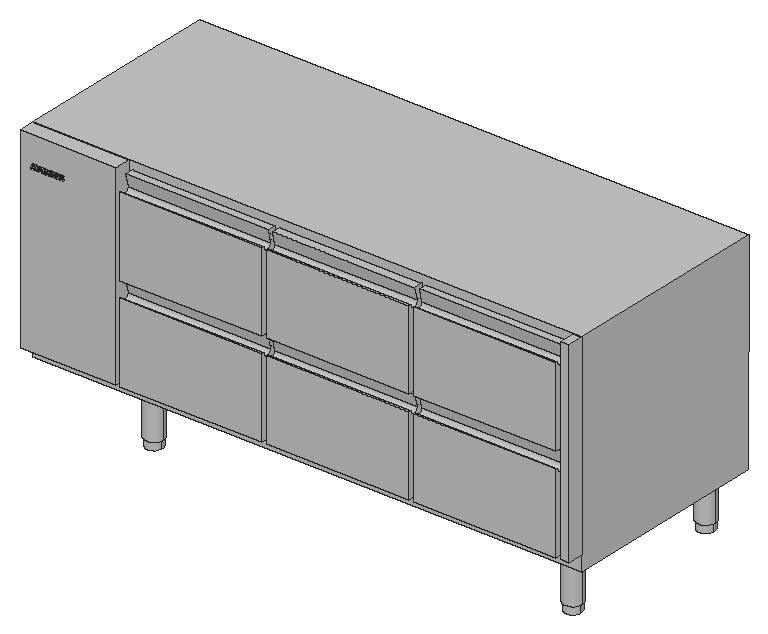
Revit family "QF_ALPENINOX_721150_AA3R7BBB", category Attrezzature speciali, Revit 2018 (continued)
Definition of nested family "HP_APX_BI_TN_L"
  Lines and regions (mm)
    Split face 120
      outline origin (330, -951.3, 50) x (1, 0, 0) y (0, 1, 0)
        loop
          arc (-286.464, 649.474) -> (-282.464, 653.474) -> (-286.464, 657.474) r 4
          line (-286.464, 657.474) -> (-328.464, 657.474)
    Split face 121
      outline origin (110, -951.3, 50) x (1, 0, 0) y (0, 1, 0)
        loop
          arc (-218.464, 657.474) -> (-222.464, 653.474) -> (-218.464, 649.474) r 4
          line (-218.464, 649.474) -> (-176.464, 649.474)
          arc (-176.464, 649.474) -> (-172.464, 653.474) -> (-176.464, 657.474) r 4
          line (-176.464, 657.474) -> (-218.464, 657.474)
    Split face 122
      outline origin (220, -951.3, 50) x (1, 0, 0) y (0, 1, 0)
        loop
          arc (-273.464, 657.474) -> (-277.464, 653.474) -> (-273.464, 649.474) r 4
          line (-273.464, 649.474) -> (-231.464, 649.474)
          arc (-231.464, 649.474) -> (-227.464, 653.474) -> (-231.464, 657.474) r 4
          line (-231.464, 657.474) -> (-273.464, 657.474)
    Split face 123
      outline origin (0, -975.3, 50) x (1, 0, 0) y (0, 1, 0)
        loop
          arc (-163.464, 669.474) -> (-167.464, 665.474) -> (-163.464, 661.474) r 4
          line (-163.464, 661.474) -> (-121.464, 661.474)
          arc (-121.464, 661.474) -> (-117.464, 665.474) -> (-121.464, 669.474) r 4
          line (-121.464, 669.474) -> (-163.464, 669.474)
    Split face 124
      outline origin (330, -975.3, 50) x (1, 0, 0) y (0, 1, 0)
        loop
          arc (-328.464, 669.474) -> (-332.464, 665.474) -> (-328.464, 661.474) r 4
          line (-328.464, 661.474) -> (-286.464, 661.474)
          arc (-286.464, 661.474) -> (-282.464, 665.474) -> (-286.464, 669.474) r 4
          line (-286.464, 669.474) -> (-328.464, 669.474)
    Split face 125
      outline origin (110, -975.3, 50) x (1, 0, 0) y (0, 1, 0)
        loop
          arc (-218.464, 669.474) -> (-222.464, 665.474) -> (-218.464, 661.474) r 4
          line (-218.464, 661.474) -> (-176.464, 661.474)
          arc (-176.464, 661.474) -> (-172.464, 665.474) -> (-176.464, 669.474) r 4
          line (-176.464, 669.474) -> (-218.464, 669.474)
    Split face 126
      outline origin (220, -975.3, 50) x (1, 0, 0) y (0, 1, 0)
        loop
          arc (-273.464, 669.474) -> (-277.464, 665.474) -> (-273.464, 661.474) r 4
          line (-273.464, 661.474) -> (-231.464, 661.474)
          arc (-231.464, 661.474) -> (-227.464, 665.474) -> (-231.464, 669.474) r 4
          line (-231.464, 669.474) -> (-273.464, 669.474)
    Split face 127
      outline origin (0, -999.3, 50) x (1, 0, 0) y (0, 1, 0)
        loop
          arc (-163.464, 681.474) -> (-167.464, 677.474) -> (-163.464, 673.474) r 4
          line (-163.464, 673.474) -> (-121.464, 673.474)
          arc (-121.464, 673.474) -> (-117.464, 677.474) -> (-121.464, 681.474) r 4
          line (-121.464, 681.474) -> (-163.464, 681.474)
    Split face 128
      outline origin (330, -999.3, 50) x (1, 0, 0) y (0, 1, 0)
        loop
          arc (-328.464, 681.474) -> (-332.464, 677.474) -> (-328.464, 673.474) r 4
          line (-328.464, 673.474) -> (-286.464, 673.474)
          arc (-286.464, 673.474) -> (-282.464, 677.474) -> (-286.464, 681.474) r 4
          line (-286.464, 681.474) -> (-328.464, 681.474)
    Split face 129
      outline origin (110, -999.3, 50) x (1, 0, 0) y (0, 1, 0)
        loop
          arc (-218.464, 681.474) -> (-222.464, 677.474) -> (-218.464, 673.474) r 4
          line (-218.464, 673.474) -> (-176.464, 673.474)
          arc (-176.464, 673.474) -> (-172.464, 677.474) -> (-176.464, 681.474) r 4
          line (-176.464, 681.474) -> (-218.464, 681.474)
    Split face 130
      outline origin (220, -999.3, 50) x (1, 0, 0) y (0, 1, 0)
        loop
          arc (-273.464, 681.474) -> (-277.464, 677.474) -> (-273.464, 673.474) r 4
          line (-273.464, 673.474) -> (-231.464, 673.474)
          arc (-231.464, 673.474) -> (-227.464, 677.474) -> (-231.464, 681.474) r 4
          line (-231.464, 681.474) -> (-273.464, 681.474)
    Split face 131
      outline origin (0, -1023.3, 50) x (1, 0, 0) y (0, 1, 0)
        loop
          arc (-163.464, 693.474) -> (-167.464, 689.474) -> (-163.464, 685.474) r 4
          line (-163.464, 685.474) -> (-121.464, 685.474)
          arc (-121.464, 685.474) -> (-117.464, 689.474) -> (-121.464, 693.474) r 4
          line (-121.464, 693.474) -> (-163.464, 693.474)
    Split face 132
      outline origin (330, -1023.3, 50) x (1, 0, 0) y (0, 1, 0)
        loop
          arc (-328.464, 693.474) -> (-332.464, 689.474) -> (-328.464, 685.474) r 4
          line (-328.464, 685.474) -> (-286.464, 685.474)
          arc (-286.464, 685.474) -> (-282.464, 689.474) -> (-286.464, 693.474) r 4
          line (-286.464, 693.474) -> (-328.464, 693.474)
    Split face 133
      outline origin (110, -1023.3, 50) x (1, 0, 0) y (0, 1, 0)
        loop
          arc (-218.464, 693.474) -> (-222.464, 689.474) -> (-218.464, 685.474) r 4
          line (-218.464, 685.474) -> (-176.464, 685.474)
          arc (-176.464, 685.474) -> (-172.464, 689.474) -> (-176.464, 693.474) r 4
          line (-176.464, 693.474) -> (-218.464, 693.474)
    Split face 134
      outline origin (220, -1023.3, 50) x (1, 0, 0) y (0, 1, 0)
        loop
          arc (-273.464, 693.474) -> (-277.464, 689.474) -> (-273.464, 685.474) r 4
          line (-273.464, 685.474) -> (-231.464, 685.474)
          arc (-231.464, 685.474) -> (-227.464, 689.474) -> (-231.464, 693.474) r 4
          line (-231.464, 693.474) -> (-273.464, 693.474)
    symbolic lines
      curve 1: line (87.08, -49, 50) -> (87.08, -49, 0)
  Dimensions and locks
    equal spacing: plane 6, plane 1 "Center (Front/Back)", plane 7
    equal spacing: plane 4, plane 3 "Center (Left/Right)", plane 5
    aligned and locked: plane 2 to Extrusion 1
    aligned and locked: level to Extrusion 1
  Automatic sketch dimensions
    Split face 5 sketch curve to Split face 5 sketch curve = 42 mm
    Split face 5 sketch curve to Split face 5 sketch curve = 4 mm
    Split face 6 sketch curve to Split face 6 sketch curve = 42 mm
    Split face 6 sketch curve to Split face 6 sketch curve = 4 mm
    Split face 7 sketch curve to Split face 7 sketch curve = 42 mm
    Split face 7 sketch curve to Split face 7 sketch curve = 4 mm
    Split face 8 sketch curve to Split face 8 sketch curve = 42 mm
    Split face 8 sketch curve to Split face 8 sketch curve = 4 mm
    Split face 9 sketch curve to Split face 9 sketch curve = 42 mm
    Split face 9 sketch curve to Split face 9 sketch curve = 4 mm
    Split face 10 sketch curve to Split face 10 sketch curve = 42 mm
    Split face 10 sketch curve to Split face 10 sketch curve = 4 mm
    Split face 11 sketch curve to Split face 11 sketch curve = 42 mm
    Split face 11 sketch curve to Split face 11 sketch curve = 4 mm
    Split face 12 sketch curve to Split face 12 sketch curve = 42 mm
    Split face 12 sketch curve to Split face 12 sketch curve = 4 mm
    Split face 13 sketch curve to Split face 13 sketch curve = 42 mm
    Split face 13 sketch curve to Split face 13 sketch curve = 4 mm
    Split face 14 sketch curve to Split face 14 sketch curve = 42 mm
    Split face 14 sketch curve to Split face 14 sketch curve = 4 mm
    Split face 15 sketch curve to Split face 15 sketch curve = 42 mm
    Split face 15 sketch curve to Split face 15 sketch curve = 4 mm
    Split face 16 sketch curve to Split face 16 sketch curve = 42 mm
    Split face 16 sketch curve to Split face 16 sketch curve = 4 mm
    Split face 17 sketch curve to Split face 17 sketch curve = 42 mm
    Split face 17 sketch curve to Split face 17 sketch curve = 4 mm
    Split face 18 sketch curve to Split face 18 sketch curve = 42 mm
    Split face 18 sketch curve to Split face 18 sketch curve = 4 mm
    Split face 19 sketch curve to Split face 19 sketch curve = 42 mm
    Split face 19 sketch curve to Split face 19 sketch curve = 4 mm
    Split face 20 sketch curve to Split face 20 sketch curve = 42 mm
    Split face 20 sketch curve to Split face 20 sketch curve = 4 mm
    Split face 21 sketch curve to Split face 21 sketch curve = 42 mm
    Split face 21 sketch curve to Split face 21 sketch curve = 4 mm
    Split face 22 sketch curve to Split face 22 sketch curve = 42 mm
    Split face 22 sketch curve to Split face 22 sketch curve = 4 mm
    Split face 23 sketch curve to Split face 23 sketch curve = 42 mm
    Split face 23 sketch curve to Split face 23 sketch curve = 4 mm
    Split face 24 sketch curve to Split face 24 sketch curve = 42 mm
    Split face 24 sketch curve to Split face 24 sketch curve = 4 mm
    Split face 25 sketch curve to Split face 25 sketch curve = 42 mm
    Split face 25 sketch curve to Split face 25 sketch curve = 4 mm
    Split face 26 sketch curve to Split face 26 sketch curve = 42 mm
    Split face 26 sketch curve to Split face 26 sketch curve = 4 mm
    Split face 27 sketch curve to Split face 27 sketch curve = 42 mm
    Split face 27 sketch curve to Split face 27 sketch curve = 4 mm
    Split face 28 sketch curve to Split face 28 sketch curve = 42 mm
    Split face 28 sketch curve to Split face 28 sketch curve = 4 mm
    Split face 29 sketch curve to Split face 29 sketch curve = 42 mm
    Split face 29 sketch curve to Split face 29 sketch curve = 4 mm
    Split face 30 sketch curve to Split face 30 sketch curve = 42 mm
    Split face 30 sketch curve to Split face 30 sketch curve = 4 mm
    Split face 31 sketch curve to Split face 31 sketch curve = 42 mm
    Split face 31 sketch curve to Split face 31 sketch curve = 4 mm
    Split face 32 sketch curve to Split face 32 sketch curve = 42 mm
    Split face 32 sketch curve to Split face 32 sketch curve = 4 mm
    Split face 33 sketch curve to Split face 33 sketch curve = 42 mm
    Split face 33 sketch curve to Split face 33 sketch curve = 4 mm
    Split face 34 sketch curve to Split face 34 sketch curve = 42 mm
    Split face 34 sketch curve to Split face 34 sketch curve = 4 mm
    Split face 35 sketch curve to Split face 35 sketch curve = 42 mm
    Split face 35 sketch curve to Split face 35 sketch curve = 4 mm
    Split face 36 sketch curve to Split face 36 sketch curve = 42 mm
    Split face 36 sketch curve to Split face 36 sketch curve = 4 mm
    Split face 37 sketch curve to Split face 37 sketch curve = 42 mm
    Split face 37 sketch curve to Split face 37 sketch curve = 4 mm
    Split face 38 sketch curve to Split face 38 sketch curve = 42 mm
    Split face 38 sketch curve to Split face 38 sketch curve = 4 mm
    Split face 39 sketch curve to Split face 39 sketch curve = 42 mm
    Split face 39 sketch curve to Split face 39 sketch curve = 4 mm
    Split face 40 sketch curve to Split face 40 sketch curve = 42 mm
    Split face 40 sketch curve to Split face 40 sketch curve = 4 mm
    Split face 41 sketch curve to Split face 41 sketch curve = 42 mm
    Split face 41 sketch curve to Split face 41 sketch curve = 4 mm
    Split face 42 sketch curve to Split face 42 sketch curve = 42 mm
    Split face 42 sketch curve to Split face 42 sketch curve = 4 mm
    Split face 43 sketch curve to Split face 43 sketch curve = 42 mm
    Split face 43 sketch curve to Split face 43 sketch curve = 4 mm
    Split face 44 sketch curve to Split face 44 sketch curve = 42 mm
    Split face 44 sketch curve to Split face 44 sketch curve = 4 mm
    Split face 45 sketch curve to Split face 45 sketch curve = 42 mm
    Split face 45 sketch curve to Split face 45 sketch curve = 4 mm
    Split face 46 sketch curve to Split face 46 sketch curve = 42 mm
    Split face 46 sketch curve to Split face 46 sketch curve = 4 mm
    Split face 47 sketch curve to Split face 47 sketch curve = 42 mm
    Split face 47 sketch curve to Split face 47 sketch curve = 4 mm
    Split face 48 sketch curve to Split face 48 sketch curve = 42 mm
    Split face 48 sketch curve to Split face 48 sketch curve = 4 mm
    Split face 49 sketch curve to Split face 49 sketch curve = 42 mm
    Split face 49 sketch curve to Split face 49 sketch curve = 4 mm
    Split face 50 sketch curve to Split face 50 sketch curve = 42 mm
    Split face 50 sketch curve to Split face 50 sketch curve = 4 mm
    Split face 51 sketch curve to Split face 51 sketch curve = 42 mm
    Split face 51 sketch curve to Split face 51 sketch curve = 4 mm
    Split face 52 sketch curve to Split face 52 sketch curve = 42 mm
    Split face 52 sketch curve to Split face 52 sketch curve = 4 mm
    Split face 53 sketch curve to Split face 53 sketch curve = 42 mm
    Split face 53 sketch curve to Split face 53 sketch curve = 4 mm
    Split face 54 sketch curve to Split face 54 sketch curve = 42 mm
    Split face 54 sketch curve to Split face 54 sketch curve = 4 mm
    Split face 55 sketch curve to Split face 55 sketch curve = 42 mm
    Split face 55 sketch curve to Split face 55 sketch curve = 4 mm
    Split face 56 sketch curve to Split face 56 sketch curve = 42 mm
    Split face 56 sketch curve to Split face 56 sketch curve = 4 mm
    Split face 57 sketch curve to Split face 57 sketch curve = 42 mm
    Split face 57 sketch curve to Split face 57 sketch curve = 4 mm
    Split face 58 sketch curve to Split face 58 sketch curve = 42 mm
    Split face 58 sketch curve to Split face 58 sketch curve = 4 mm
    Split face 59 sketch curve to Split face 59 sketch curve = 42 mm
    Split face 59 sketch curve to Split face 59 sketch curve = 4 mm
    Split face 60 sketch curve to Split face 60 sketch curve = 42 mm
    Split face 60 sketch curve to Split face 60 sketch curve = 4 mm
    Split face 61 sketch curve to Split face 61 sketch curve = 42 mm
    Split face 61 sketch curve to Split face 61 sketch curve = 4 mm
    Split face 62 sketch curve to Split face 62 sketch curve = 42 mm
    Split face 62 sketch curve to Split face 62 sketch curve = 4 mm
    Split face 63 sketch curve to Split face 63 sketch curve = 42 mm
    Split face 63 sketch curve to Split face 63 sketch curve = 4 mm
    Split face 64 sketch curve to Split face 64 sketch curve = 42 mm
    Split face 64 sketch curve to Split face 64 sketch curve = 4 mm
    Split face 65 sketch curve to Split face 65 sketch curve = 42 mm
    Split face 65 sketch curve to Split face 65 sketch curve = 4 mm
    Split face 66 sketch curve to Split face 66 sketch curve = 42 mm
    Split face 66 sketch curve to Split face 66 sketch curve = 4 mm
    Split face 67 sketch curve to Split face 67 sketch curve = 42 mm
    Split face 67 sketch curve to Split face 67 sketch curve = 4 mm
    Split face 68 sketch curve to Split face 68 sketch curve = 42 mm
    Split face 68 sketch curve to Split face 68 sketch curve = 4 mm
    Split face 69 sketch curve to Split face 69 sketch curve = 42 mm
    Split face 69 sketch curve to Split face 69 sketch curve = 4 mm
    Split face 71 sketch curve to Split face 71 sketch curve = 42 mm
    Split face 71 sketch curve to Split face 71 sketch curve = 4 mm
    Split face 72 sketch curve to Split face 72 sketch curve = 42 mm
    Split face 72 sketch curve to Split face 72 sketch curve = 4 mm
    Split face 73 sketch curve to Split face 73 sketch curve = 42 mm
    Split face 73 sketch curve to Split face 73 sketch curve = 4 mm
    Split face 74 sketch curve to Split face 74 sketch curve = 42 mm
    Split face 74 sketch curve to Split face 74 sketch curve = 4 mm
    Split face 75 sketch curve to Split face 75 sketch curve = 42 mm
    Split face 75 sketch curve to Split face 75 sketch curve = 4 mm
    Split face 76 sketch curve to Split face 76 sketch curve = 42 mm
    Split face 76 sketch curve to Split face 76 sketch curve = 4 mm
    Split face 77 sketch curve to Split face 77 sketch curve = 42 mm
    Split face 77 sketch curve to Split face 77 sketch curve = 4 mm
    Split face 78 sketch curve to Split face 78 sketch curve = 42 mm
    Split face 78 sketch curve to Split face 78 sketch curve = 4 mm
    Split face 79 sketch curve to Split face 79 sketch curve = 42 mm
    Split face 79 sketch curve to Split face 79 sketch curve = 4 mm
    Split face 80 sketch curve to Split face 80 sketch curve = 42 mm
    Split face 80 sketch curve to Split face 80 sketch curve = 4 mm
    Split face 81 sketch curve to Split face 81 sketch curve = 42 mm
    Split face 81 sketch curve to Split face 81 sketch curve = 4 mm
    Split face 82 sketch curve to Split face 82 sketch curve = 42 mm
    Split face 82 sketch curve to Split face 82 sketch curve = 4 mm
    Split face 83 sketch curve to Split face 83 sketch curve = 42 mm
    Split face 83 sketch curve to Split face 83 sketch curve = 4 mm
    Split face 84 sketch curve to Split face 84 sketch curve = 42 mm
    Split face 84 sketch curve to Split face 84 sketch curve = 4 mm
    Split face 85 sketch curve to Split face 85 sketch curve = 42 mm
    Split face 85 sketch curve to Split face 85 sketch curve = 4 mm
    Split face 86 sketch curve to Split face 86 sketch curve = 42 mm
    Split face 86 sketch curve to Split face 86 sketch curve = 4 mm
    Split face 87 sketch curve to Split face 87 sketch curve = 42 mm
    Split face 87 sketch curve to Split face 87 sketch curve = 4 mm
    Split face 88 sketch curve to Split face 88 sketch curve = 42 mm
    Split face 88 sketch curve to Split face 88 sketch curve = 4 mm
    Split face 89 sketch curve to Split face 89 sketch curve = 42 mm
    Split face 89 sketch curve to Split face 89 sketch curve = 4 mm
    Split face 90 sketch curve to Split face 90 sketch curve = 42 mm
    Split face 90 sketch curve to Split face 90 sketch curve = 4 mm
    Split face 91 sketch curve to Split face 91 sketch curve = 42 mm
    Split face 91 sketch curve to Split face 91 sketch curve = 4 mm
    Split face 92 sketch curve to Split face 92 sketch curve = 42 mm
    Split face 92 sketch curve to Split face 92 sketch curve = 4 mm
    Split face 93 sketch curve to Split face 93 sketch curve = 42 mm
    Split face 93 sketch curve to Split face 93 sketch curve = 4 mm
    Split face 94 sketch curve to Split face 94 sketch curve = 42 mm
    Split face 94 sketch curve to Split face 94 sketch curve = 4 mm
    Split face 95 sketch curve to Split face 95 sketch curve = 42 mm
    Split face 95 sketch curve to Split face 95 sketch curve = 4 mm
    Split face 96 sketch curve to Split face 96 sketch curve = 42 mm
    Split face 96 sketch curve to Split face 96 sketch curve = 4 mm
    Split face 97 sketch curve to Split face 97 sketch curve = 42 mm
    Split face 97 sketch curve to Split face 97 sketch curve = 4 mm
    Split face 98 sketch curve to Split face 98 sketch curve = 42 mm
    Split face 98 sketch curve to Split face 98 sketch curve = 4 mm
    Split face 99 sketch curve to Split face 99 sketch curve = 42 mm
    Split face 99 sketch curve to Split face 99 sketch curve = 4 mm
    Split face 100 sketch curve to Split face 100 sketch curve = 42 mm
    Split face 100 sketch curve to Split face 100 sketch curve = 4 mm
    Split face 101 sketch curve to Split face 101 sketch curve = 42 mm
    Split face 101 sketch curve to Split face 101 sketch curve = 4 mm
    Split face 102 sketch curve to Split face 102 sketch curve = 42 mm
    Split face 102 sketch curve to Split face 102 sketch curve = 4 mm
    Split face 103 sketch curve to Split face 103 sketch curve = 42 mm
    Split face 103 sketch curve to Split face 103 sketch curve = 4 mm
    Split face 104 sketch curve to Split face 104 sketch curve = 42 mm
    Split face 104 sketch curve to Split face 104 sketch curve = 4 mm
    Split face 105 sketch curve to Split face 105 sketch curve = 42 mm
    Split face 105 sketch curve to Split face 105 sketch curve = 4 mm
    Split face 106 sketch curve to Split face 106 sketch curve = 42 mm
    Split face 106 sketch curve to Split face 106 sketch curve = 4 mm
    Split face 107 sketch curve to Split face 107 sketch curve = 42 mm
    Split face 107 sketch curve to Split face 107 sketch curve = 4 mm
    Split face 108 sketch curve to Split face 108 sketch curve = 42 mm
    Split face 108 sketch curve to Split face 108 sketch curve = 4 mm
    Split face 109 sketch curve to Split face 109 sketch curve = 42 mm
    Split face 109 sketch curve to Split face 109 sketch curve = 4 mm
    Split face 110 sketch curve to Split face 110 sketch curve = 42 mm
    Split face 110 sketch curve to Split face 110 sketch curve = 4 mm
    Split face 111 sketch curve to Split face 111 sketch curve = 42 mm
    Split face 111 sketch curve to Split face 111 sketch curve = 4 mm
    Split face 112 sketch curve to Split face 112 sketch curve = 42 mm
    Split face 112 sketch curve to Split face 112 sketch curve = 4 mm
    Split face 113 sketch curve to Split face 113 sketch curve = 42 mm
    Split face 113 sketch curve to Split face 113 sketch curve = 4 mm
    Split face 114 sketch curve to Split face 114 sketch curve = 42 mm
    Split face 114 sketch curve to Split face 114 sketch curve = 4 mm
    Split face 115 sketch curve to Split face 115 sketch curve = 42 mm
    Split face 115 sketch curve to Split face 115 sketch curve = 4 mm
    Split face 116 sketch curve to Split face 116 sketch curve = 42 mm
    Split face 116 sketch curve to Split face 116 sketch curve = 4 mm
    Split face 117 sketch curve to Split face 117 sketch curve = 42 mm
    Split face 117 sketch curve to Split face 117 sketch curve = 4 mm
    Split face 118 sketch curve to Split face 118 sketch curve = 42 mm
    Split face 118 sketch curve to Split face 118 sketch curve = 4 mm
    Split face 119 sketch curve to Split face 119 sketch curve = 42 mm
    Split face 119 sketch curve to Split face 119 sketch curve = 4 mm
    Split face 120 sketch curve to Split face 120 sketch curve = 42 mm
    Split face 120 sketch curve to Split face 120 sketch curve = 4 mm
    Split face 121 sketch curve to Split face 121 sketch curve = 42 mm
    Split face 121 sketch curve to Split face 121 sketch curve = 4 mm
    Split face 122 sketch curve to Split face 122 sketch curve = 42 mm
    Split face 122 sketch curve to Split face 122 sketch curve = 4 mm
    Split face 123 sketch curve to Split face 123 sketch curve = 42 mm
    Split face 123 sketch curve to Split face 123 sketch curve = 4 mm
    Split face 124 sketch curve to Split face 124 sketch curve = 42 mm
    Split face 124 sketch curve to Split face 124 sketch curve = 4 mm
    Split face 125 sketch curve to Split face 125 sketch curve = 42 mm
    Split face 125 sketch curve to Split face 125 sketch curve = 4 mm
    Split face 126 sketch curve to Split face 126 sketch curve = 42 mm
    Split face 126 sketch curve to Split face 126 sketch curve = 4 mm
    Split face 127 sketch curve to Split face 127 sketch curve = 42 mm
    Split face 127 sketch curve to Split face 127 sketch curve = 4 mm
    Split face 128 sketch curve to Split face 128 sketch curve = 42 mm
    Split face 128 sketch curve to Split face 128 sketch curve = 4 mm
    Split face 129 sketch curve to Split face 129 sketch curve = 42 mm
    Split face 129 sketch curve to Split face 129 sketch curve = 4 mm
    Split face 130 sketch curve to Split face 130 sketch curve = 42 mm
    Split face 130 sketch curve to Split face 130 sketch curve = 4 mm
    Split face 131 sketch curve to Split face 131 sketch curve = 42 mm
    Split face 131 sketch curve to Split face 131 sketch curve = 4 mm
    Split face 132 sketch curve to Split face 132 sketch curve = 42 mm
    Split face 132 sketch curve to Split face 132 sketch curve = 4 mm
    Split face 133 sketch curve to Split face 133 sketch curve = 42 mm
    Split face 133 sketch curve to Split face 133 sketch curve = 4 mm
    Split face 134 sketch curve to Split face 134 sketch curve = 42 mm
    Split face 134 sketch curve to Split face 134 sketch curve = 4 mm
    Extrusion 1 sketch curve to Extrusion 1 sketch curve = 2438.4 mm  (x2)
    Extrusion 2 sketch curve to plane 4 = 0 mm
    Extrusion 2 sketch curve to plane 5 = 0 mm
    Extrusion 2 sketch curve to plane 7 = 0 mm
    Extrusion 2 sketch curve to plane 6 = 0 mm
    Split face 1 sketch curve to Extrusion 2 = 0 mm  (x2)
    Split face 1 sketch curve to Extrusion 2 = 34 mm
    Split face 1 sketch curve to Extrusion 2 = 104 mm
    Split face 1 sketch curve to Split face 1 sketch curve = 17.5 mm
    Split face 2 sketch curve to Extrusion 2 = 130.5 mm
    Split face 2 sketch curve to Extrusion 2 = 60.5 mm
    Split face 2 sketch curve to Extrusion 2 = 98 mm
    Split face 2 sketch curve to Split face 2 sketch curve = 23 mm
    Split face 3 sketch curve to Extrusion 2 = 80.5 mm
    Split face 3 sketch curve to Split face 3 sketch curve = 17 mm  (x2)
    Split face 3 sketch curve to Extrusion 2 = 95 mm
    plane 4 to Extrusion 3 sketch curve = 34.51 mm
    Extrusion 3 sketch curve to Extrusion 3 sketch curve = 1.266 mm
    Extrusion 3 sketch curve to Extrusion 3 sketch curve = 1.307 mm
    Extrusion 3 sketch curve to Extrusion 3 sketch curve = 0.57 mm
    Extrusion 3 sketch curve to Extrusion 3 sketch curve = 0.593 mm
    Extrusion 3 sketch curve to Extrusion 3 sketch curve = 0.799 mm
    Extrusion 3 sketch curve to Extrusion 3 sketch curve = 1.99 mm  (x2)
    Extrusion 3 sketch curve to Extrusion 3 sketch curve = 0.003 mm
    Extrusion 3 sketch curve to Extrusion 3 sketch curve = 3.534 mm
    Extrusion 3 sketch curve to Extrusion 3 sketch curve = 0.835 mm
    Extrusion 3 sketch curve to Extrusion 3 sketch curve = 0.56 mm
    Extrusion 3 sketch curve to Extrusion 3 sketch curve = 1.268 mm
    Extrusion 3 sketch curve to Extrusion 3 sketch curve = 1.223 mm
    Extrusion 3 sketch curve to Extrusion 3 sketch curve = 1.344 mm
    Extrusion 3 sketch curve to Extrusion 3 sketch curve = 1.394 mm  (x2)
    Extrusion 3 sketch curve to Extrusion 3 sketch curve = 1.512 mm
    Extrusion 3 sketch curve to Extrusion 3 sketch curve = 3.309 mm
    Extrusion 3 sketch curve to Extrusion 3 sketch curve = 5.841 mm
    Extrusion 3 sketch curve to Extrusion 3 sketch curve = 1.393 mm
    Extrusion 3 sketch curve to Extrusion 3 sketch curve = 1.439 mm
    Extrusion 3 sketch curve to Extrusion 3 sketch curve = 0 mm  (x19)
    Extrusion 3 sketch curve to Extrusion 3 sketch curve = 1.902 mm
    Extrusion 3 sketch curve to Extrusion 3 sketch curve = 0.052 mm
    Extrusion 3 sketch curve to Extrusion 3 sketch curve = 2.065 mm
    Extrusion 3 sketch curve to Extrusion 3 sketch curve = 0.647 mm
    Extrusion 3 sketch curve to Extrusion 3 sketch curve = 8.079 mm
    Extrusion 3 sketch curve to Extrusion 3 sketch curve = 0.073 mm
    Extrusion 3 sketch curve to Extrusion 3 sketch curve = 2.145 mm
    Extrusion 3 sketch curve to Extrusion 3 sketch curve = 2.931 mm
    Extrusion 3 sketch curve to Extrusion 3 sketch curve = 0.213 mm
    Extrusion 3 sketch curve to Extrusion 3 sketch curve = 0.026 mm
    Extrusion 3 sketch curve to Extrusion 3 sketch curve = 0.263 mm
    Extrusion 3 sketch curve to Extrusion 3 sketch curve = 0.516 mm
    Extrusion 3 sketch curve to Extrusion 3 sketch curve = 0.356 mm
    Extrusion 3 sketch curve to Extrusion 3 sketch curve = 0.387 mm
    Extrusion 3 sketch curve to Extrusion 3 sketch curve = 2.378 mm
    Extrusion 3 sketch curve to Extrusion 3 sketch curve = 2.466 mm
    Extrusion 3 sketch curve to Extrusion 3 sketch curve = 0.602 mm
    Extrusion 3 sketch curve to Extrusion 3 sketch curve = 1.02 mm
    Extrusion 3 sketch curve to Extrusion 3 sketch curve = 0.949 mm
    Extrusion 3 sketch curve to Extrusion 3 sketch curve = 1.728 mm
    Extrusion 3 sketch curve to Extrusion 3 sketch curve = 0.157 mm  (x2)
    Extrusion 3 sketch curve to Extrusion 3 sketch curve = 0.292 mm
    Extrusion 3 sketch curve to Extrusion 3 sketch curve = 3.565 mm
    Extrusion 3 sketch curve to Extrusion 3 sketch curve = 1.396 mm  (x2)
    Extrusion 3 sketch curve to Extrusion 3 sketch curve = 1.418 mm  (x2)
    Extrusion 3 sketch curve to Extrusion 3 sketch curve = 1.151 mm  (x2)
    Extrusion 3 sketch curve to Extrusion 3 sketch curve = 5.709 mm  (x2)
    Extrusion 3 sketch curve to Extrusion 3 sketch curve = 0.224 mm  (x2)
    Extrusion 3 sketch curve to Extrusion 3 sketch curve = 1.149 mm  (x2)
    Extrusion 3 sketch curve to Extrusion 3 sketch curve = 1.395 mm  (x2)
    Extrusion 3 sketch curve to Extrusion 3 sketch curve = 1.744 mm
    Extrusion 3 sketch curve to Extrusion 3 sketch curve = 1.745 mm
    Extrusion 3 sketch curve to Extrusion 3 sketch curve = 6.963 mm
    Extrusion 3 sketch curve to Extrusion 3 sketch curve = 0.493 mm  (x3)
    Extrusion 3 sketch curve to Extrusion 3 sketch curve = 0.273 mm  (x2)
    Extrusion 3 sketch curve to Extrusion 3 sketch curve = 0.021 mm  (x2)
    Extrusion 3 sketch curve to Extrusion 3 sketch curve = 0.226 mm  (x2)
    Extrusion 3 sketch curve to Extrusion 3 sketch curve = 0.268 mm  (x2)
    Extrusion 3 sketch curve to Extrusion 3 sketch curve = 0.294 mm
    Extrusion 3 sketch curve to Extrusion 3 sketch curve = 5.238 mm
    Extrusion 3 sketch curve to Extrusion 3 sketch curve = 5.908 mm
    Extrusion 3 sketch curve to Extrusion 3 sketch curve = 1.109 mm  (x2)
    Extrusion 3 sketch curve to Extrusion 3 sketch curve = 1.108 mm  (x2)
    Extrusion 3 sketch curve to Extrusion 3 sketch curve = 1.142 mm  (x2)
    Extrusion 3 sketch curve to Extrusion 3 sketch curve = 1.216 mm  (x2)
    Extrusion 3 sketch curve to Extrusion 3 sketch curve = 3.013 mm
    Extrusion 3 sketch curve to Extrusion 3 sketch curve = 1.616 mm  (x3)
    Extrusion 3 sketch curve to Extrusion 3 sketch curve = 2.305 mm
    Extrusion 3 sketch curve to Extrusion 3 sketch curve = 3.049 mm
    Extrusion 3 sketch curve to plane 6 = 93.469 mm
    Extrusion 3 sketch curve to Extrusion 3 sketch curve = 0.498 mm
    Extrusion 3 sketch curve to Extrusion 3 sketch curve = 0.682 mm
    Extrusion 3 sketch curve to Extrusion 3 sketch curve = 0.664 mm
    Extrusion 3 sketch curve to Extrusion 3 sketch curve = 0.425 mm
    Extrusion 3 sketch curve to Extrusion 3 sketch curve = 0.41 mm
    Extrusion 3 sketch curve to Extrusion 3 sketch curve = 1.272 mm
    Extrusion 3 sketch curve to Extrusion 3 sketch curve = 0.789 mm  (x2)
    Extrusion 3 sketch curve to Extrusion 3 sketch curve = 0.056 mm
    Extrusion 3 sketch curve to Extrusion 3 sketch curve = 0.83 mm
    Extrusion 3 sketch curve to Extrusion 3 sketch curve = 1.238 mm
    Extrusion 3 sketch curve to Extrusion 3 sketch curve = 1.732 mm
    Extrusion 3 sketch curve to Extrusion 3 sketch curve = 0.346 mm
    Extrusion 3 sketch curve to Extrusion 3 sketch curve = 1.123 mm
    Extrusion 3 sketch curve to Extrusion 3 sketch curve = 3.023 mm
    Extrusion 3 sketch curve to Extrusion 3 sketch curve = 4.203 mm
    Extrusion 3 sketch curve to Extrusion 3 sketch curve = 3.452 mm  (x2)
    Extrusion 3 sketch curve to Extrusion 3 sketch curve = 2.544 mm
    Extrusion 3 sketch curve to Extrusion 3 sketch curve = 1.177 mm
    Extrusion 3 sketch curve to Extrusion 3 sketch curve = 3.261 mm
    Extrusion 3 sketch curve to Extrusion 3 sketch curve = 0.352 mm  (x2)
    Extrusion 3 sketch curve to Extrusion 3 sketch curve = 1.987 mm
    Extrusion 3 sketch curve to Extrusion 3 sketch curve = 0.171 mm
    Extrusion 3 sketch curve to Extrusion 3 sketch curve = 0.533 mm  (x3)
    Extrusion 3 sketch curve to Extrusion 3 sketch curve = 0.14 mm  (x4)
    Extrusion 3 sketch curve to Extrusion 3 sketch curve = 0.473 mm
    Extrusion 3 sketch curve to Extrusion 3 sketch curve = 0.31 mm  (x2)
    Extrusion 3 sketch curve to Extrusion 3 sketch curve = 0.075 mm
    Extrusion 3 sketch curve to Extrusion 3 sketch curve = 2.431 mm
    Extrusion 3 sketch curve to Extrusion 3 sketch curve = 2.32 mm  (x2)
    Extrusion 3 sketch curve to Extrusion 3 sketch curve = 1.992 mm
    Extrusion 3 sketch curve to Extrusion 3 sketch curve = 0.674 mm
    Extrusion 3 sketch curve to Extrusion 3 sketch curve = 0.732 mm
    Extrusion 3 sketch curve to Extrusion 3 sketch curve = 0.388 mm
    Extrusion 3 sketch curve to Extrusion 3 sketch curve = 0.121 mm
    Extrusion 3 sketch curve to Extrusion 3 sketch curve = 2.589 mm
    Extrusion 3 sketch curve to Extrusion 3 sketch curve = 0.662 mm
    Extrusion 3 sketch curve to Extrusion 3 sketch curve = 3.473 mm
    Extrusion 3 sketch curve to Extrusion 3 sketch curve = 0.681 mm
    Extrusion 3 sketch curve to Extrusion 3 sketch curve = 1.615 mm
    Extrusion 3 sketch curve to Extrusion 3 sketch curve = 0.34 mm
    Extrusion 3 sketch curve to Extrusion 3 sketch curve = 2.288 mm
    Extrusion 3 sketch curve to Extrusion 3 sketch curve = 0.942 mm
    Extrusion 3 sketch curve to Extrusion 3 sketch curve = 5.4 mm
    Extrusion 3 sketch curve to Extrusion 3 sketch curve = 1.768 mm  (x2)
    Extrusion 3 sketch curve to Extrusion 3 sketch curve = 0.761 mm
    Extrusion 3 sketch curve to Extrusion 3 sketch curve = 0.996 mm
    Extrusion 3 sketch curve to Extrusion 3 sketch curve = 3.543 mm  (x2)
    Extrusion 3 sketch curve to Extrusion 3 sketch curve = 7.017 mm
    Extrusion 3 sketch curve to Extrusion 3 sketch curve = 0.11 mm
    Extrusion 3 sketch curve to Extrusion 3 sketch curve = 0.823 mm  (x2)
    Extrusion 3 sketch curve to Extrusion 3 sketch curve = 0.947 mm
    Extrusion 3 sketch curve to Extrusion 3 sketch curve = 3.837 mm
    Extrusion 3 sketch curve to Extrusion 3 sketch curve = 0.623 mm
    Extrusion 3 sketch curve to Extrusion 3 sketch curve = 1.082 mm
    Extrusion 3 sketch curve to Extrusion 3 sketch curve = 0.801 mm
    Extrusion 3 sketch curve to Extrusion 3 sketch curve = 1 mm
    Extrusion 3 sketch curve to Extrusion 3 sketch curve = 0.089 mm
    Extrusion 3 sketch curve to Extrusion 3 sketch curve = 4.257 mm
    Extrusion 3 sketch curve to Extrusion 3 sketch curve = 4.345 mm  (x2)
    Extrusion 3 sketch curve to Extrusion 3 sketch curve = 2.576 mm
    Extrusion 3 sketch curve to Extrusion 3 sketch curve = 1.385 mm  (x4)
    Extrusion 3 sketch curve to Extrusion 3 sketch curve = 2.133 mm  (x4)
    Extrusion 3 sketch curve to Extrusion 3 sketch curve = 3.518 mm
    Extrusion 3 sketch curve to Extrusion 3 sketch curve = 5.603 mm
    Extrusion 3 sketch curve to Extrusion 3 sketch curve = 2.571 mm
    Split face 4 sketch curve to Extrusion 2 = 0 mm  (x2)
    Split face 4 sketch curve to Extrusion 2 = 64 mm
    Extrusion 4 sketch curve to Extrusion 4 sketch curve = 294 mm
    Extrusion 4 sketch curve to Extrusion 4 sketch curve = 652 mm
    Split face 70 sketch curve to Extrusion 2 = 0 mm  (x2)
    Split face 70 sketch curve to Extrusion 2 = 109 mm
    Split face 5 sketch curve to Extrusion 2 = 43.456 mm
    Split face 5 sketch curve to Extrusion 2 = 128.176 mm
    Split face 6 sketch curve to Extrusion 2 = 85.544 mm
    Split face 6 sketch curve to Extrusion 2 = 128.176 mm
    Split face 7 sketch curve to Extrusion 2 = 98.456 mm
    Split face 7 sketch curve to Extrusion 2 = 128.176 mm
    Split face 8 sketch curve to Extrusion 2 = 140.544 mm
    Split face 8 sketch curve to Extrusion 2 = 128.176 mm
    Split face 10 sketch curve to Extrusion 2 = 43.456 mm
    Split face 10 sketch curve to Extrusion 2 = 140.176 mm
    Split face 11 sketch curve to Extrusion 2 = 85.544 mm
    Split face 11 sketch curve to Extrusion 2 = 140.176 mm
    Split face 12 sketch curve to Extrusion 2 = 98.456 mm
    Split face 12 sketch curve to Extrusion 2 = 140.176 mm
    Split face 13 sketch curve to Extrusion 2 = 140.544 mm
    Split face 13 sketch curve to Extrusion 2 = 140.176 mm
    Split face 14 sketch curve to Extrusion 2 = 43.456 mm
    Split face 14 sketch curve to Extrusion 2 = 152.176 mm
    Split face 15 sketch curve to Extrusion 2 = 85.544 mm
    Split face 15 sketch curve to Extrusion 2 = 152.176 mm
    Split face 16 sketch curve to Extrusion 2 = 98.456 mm
    Split face 16 sketch curve to Extrusion 2 = 152.176 mm
    Split face 17 sketch curve to Extrusion 2 = 140.544 mm
    Split face 17 sketch curve to Extrusion 2 = 152.176 mm
    Split face 18 sketch curve to Extrusion 2 = 43.456 mm
    Split face 18 sketch curve to Extrusion 2 = 164.176 mm
    Split face 19 sketch curve to Extrusion 2 = 85.544 mm
    Split face 19 sketch curve to Extrusion 2 = 164.176 mm
    Split face 20 sketch curve to Extrusion 2 = 98.456 mm
    Split face 20 sketch curve to Extrusion 2 = 164.176 mm
    Split face 21 sketch curve to Extrusion 2 = 140.544 mm
    Split face 21 sketch curve to Extrusion 2 = 164.176 mm
    Split face 22 sketch curve to Extrusion 2 = 43.456 mm
    Split face 22 sketch curve to Extrusion 2 = 176.176 mm
    Split face 23 sketch curve to Extrusion 2 = 85.544 mm
    Split face 23 sketch curve to Extrusion 2 = 176.176 mm
    Split face 24 sketch curve to Extrusion 2 = 98.456 mm
    Split face 24 sketch curve to Extrusion 2 = 176.176 mm
    Split face 25 sketch curve to Extrusion 2 = 140.544 mm
    Split face 25 sketch curve to Extrusion 2 = 176.176 mm
    Split face 26 sketch curve to Extrusion 2 = 43.456 mm
    Split face 26 sketch curve to Extrusion 2 = 188.176 mm
    Split face 27 sketch curve to Extrusion 2 = 85.544 mm
    Split face 27 sketch curve to Extrusion 2 = 188.176 mm
    Split face 28 sketch curve to Extrusion 2 = 98.456 mm
    Split face 28 sketch curve to Extrusion 2 = 188.176 mm
    Split face 29 sketch curve to Extrusion 2 = 140.544 mm
    Split face 29 sketch curve to Extrusion 2 = 188.176 mm
    Split face 30 sketch curve to Extrusion 2 = 43.456 mm
    Split face 30 sketch curve to Extrusion 2 = 200.176 mm
    Split face 31 sketch curve to Extrusion 2 = 85.544 mm
    Split face 31 sketch curve to Extrusion 2 = 200.176 mm
    Split face 32 sketch curve to Extrusion 2 = 98.456 mm
    Split face 32 sketch curve to Extrusion 2 = 200.176 mm
    Split face 33 sketch curve to Extrusion 2 = 140.544 mm
    Split face 33 sketch curve to Extrusion 2 = 200.176 mm
    Split face 34 sketch curve to Extrusion 2 = 43.456 mm
    Split face 34 sketch curve to Extrusion 2 = 212.176 mm
    Split face 35 sketch curve to Extrusion 2 = 85.544 mm
    Split face 35 sketch curve to Extrusion 2 = 212.176 mm
    Split face 36 sketch curve to Extrusion 2 = 98.456 mm
    Split face 36 sketch curve to Extrusion 2 = 212.176 mm
    Split face 37 sketch curve to Extrusion 2 = 140.544 mm
    Split face 37 sketch curve to Extrusion 2 = 212.176 mm
    Split face 38 sketch curve to Extrusion 2 = 43.456 mm
    Split face 38 sketch curve to Extrusion 2 = 224.176 mm
    Split face 39 sketch curve to Extrusion 2 = 85.544 mm
    Split face 39 sketch curve to Extrusion 2 = 224.176 mm
    Split face 40 sketch curve to Extrusion 2 = 98.456 mm
    Split face 40 sketch curve to Extrusion 2 = 224.176 mm
    Split face 41 sketch curve to Extrusion 2 = 140.544 mm
    Split face 41 sketch curve to Extrusion 2 = 224.176 mm
    Split face 42 sketch curve to Extrusion 2 = 43.456 mm
    Split face 42 sketch curve to Extrusion 2 = 236.176 mm
    Split face 43 sketch curve to Extrusion 2 = 85.544 mm
    Split face 43 sketch curve to Extrusion 2 = 236.176 mm
    Split face 44 sketch curve to Extrusion 2 = 98.456 mm
    Split face 44 sketch curve to Extrusion 2 = 236.176 mm
    Split face 45 sketch curve to Extrusion 2 = 140.544 mm
    Split face 45 sketch curve to Extrusion 2 = 236.176 mm
    Split face 46 sketch curve to Extrusion 2 = 43.456 mm
    Split face 46 sketch curve to Extrusion 2 = 248.176 mm
    Split face 47 sketch curve to Extrusion 2 = 85.544 mm
    Split face 47 sketch curve to Extrusion 2 = 248.176 mm
    Split face 48 sketch curve to Extrusion 2 = 98.456 mm
    Split face 48 sketch curve to Extrusion 2 = 248.176 mm
    Split face 49 sketch curve to Extrusion 2 = 140.544 mm
    Split face 49 sketch curve to Extrusion 2 = 248.176 mm
    Split face 50 sketch curve to Extrusion 2 = 43.456 mm
    Split face 50 sketch curve to Extrusion 2 = 260.176 mm
    Split face 51 sketch curve to Extrusion 2 = 85.544 mm
    Split face 51 sketch curve to Extrusion 2 = 260.176 mm
    Split face 52 sketch curve to Extrusion 2 = 98.456 mm
    Split face 52 sketch curve to Extrusion 2 = 260.176 mm
    Split face 53 sketch curve to Extrusion 2 = 140.544 mm
    Split face 53 sketch curve to Extrusion 2 = 260.176 mm
    Split face 54 sketch curve to Extrusion 2 = 43.456 mm
    Split face 54 sketch curve to Extrusion 2 = 272.176 mm
    Split face 55 sketch curve to Extrusion 2 = 85.544 mm
    Split face 55 sketch curve to Extrusion 2 = 272.176 mm
    Split face 56 sketch curve to Extrusion 2 = 98.456 mm
    Split face 56 sketch curve to Extrusion 2 = 272.176 mm
    Split face 57 sketch curve to Extrusion 2 = 140.544 mm
    Split face 57 sketch curve to Extrusion 2 = 272.176 mm
    Split face 58 sketch curve to Extrusion 2 = 43.456 mm
    Split face 58 sketch curve to Extrusion 2 = 284.176 mm
    Split face 59 sketch curve to Extrusion 2 = 85.544 mm
    Split face 59 sketch curve to Extrusion 2 = 284.176 mm
    Split face 60 sketch curve to Extrusion 2 = 98.456 mm
    Split face 60 sketch curve to Extrusion 2 = 284.176 mm
    Split face 61 sketch curve to Extrusion 2 = 140.544 mm
    Split face 61 sketch curve to Extrusion 2 = 284.176 mm
    Split face 62 sketch curve to Extrusion 2 = 43.456 mm
    Split face 62 sketch curve to Extrusion 2 = 296.176 mm
    Split face 63 sketch curve to Extrusion 2 = 85.544 mm
    Split face 63 sketch curve to Extrusion 2 = 296.176 mm
    Split face 64 sketch curve to Extrusion 2 = 98.456 mm
    Split face 64 sketch curve to Extrusion 2 = 296.176 mm
    Split face 65 sketch curve to Extrusion 2 = 140.544 mm
    Split face 65 sketch curve to Extrusion 2 = 296.176 mm
    Split face 66 sketch curve to Extrusion 2 = 43.456 mm
    Split face 66 sketch curve to Extrusion 2 = 308.176 mm
    Split face 67 sketch curve to Extrusion 2 = 85.544 mm
    Split face 67 sketch curve to Extrusion 2 = 308.176 mm
    Split face 68 sketch curve to Extrusion 2 = 98.456 mm
    Split face 68 sketch curve to Extrusion 2 = 308.176 mm
    Split face 69 sketch curve to Extrusion 2 = 140.544 mm
    Split face 69 sketch curve to Extrusion 2 = 308.176 mm
    Split face 71 sketch curve to Extrusion 2 = 43.456 mm
    Split face 71 sketch curve to Extrusion 2 = 192.174 mm
    Split face 72 sketch curve to Extrusion 2 = 85.544 mm
    Split face 72 sketch curve to Extrusion 2 = 192.174 mm
    Split face 73 sketch curve to Extrusion 2 = 98.456 mm
    Split face 73 sketch curve to Extrusion 2 = 192.174 mm
    Split face 74 sketch curve to Extrusion 2 = 140.544 mm
    Split face 74 sketch curve to Extrusion 2 = 192.174 mm
    Split face 75 sketch curve to Extrusion 2 = 43.456 mm
    Split face 75 sketch curve to Extrusion 2 = 180.174 mm
    Split face 76 sketch curve to Extrusion 2 = 85.544 mm
    Split face 76 sketch curve to Extrusion 2 = 180.174 mm
    Split face 77 sketch curve to Extrusion 2 = 98.456 mm
    Split face 77 sketch curve to Extrusion 2 = 180.174 mm
    Split face 78 sketch curve to Extrusion 2 = 140.544 mm
    Split face 78 sketch curve to Extrusion 2 = 180.174 mm
    Split face 79 sketch curve to Extrusion 2 = 43.456 mm
    Split face 79 sketch curve to Extrusion 2 = 168.174 mm
    Split face 80 sketch curve to Extrusion 2 = 85.544 mm
    Split face 80 sketch curve to Extrusion 2 = 168.174 mm
    Split face 81 sketch curve to Extrusion 2 = 98.456 mm
    Split face 81 sketch curve to Extrusion 2 = 168.174 mm
    Split face 82 sketch curve to Extrusion 2 = 140.544 mm
    Split face 82 sketch curve to Extrusion 2 = 168.174 mm
    Split face 83 sketch curve to Extrusion 2 = 43.456 mm
    Split face 83 sketch curve to Extrusion 2 = 156.174 mm
    Split face 84 sketch curve to Extrusion 2 = 85.544 mm
    Split face 84 sketch curve to Extrusion 2 = 156.174 mm
    Split face 85 sketch curve to Extrusion 2 = 98.456 mm
    Split face 85 sketch curve to Extrusion 2 = 156.174 mm
    Split face 86 sketch curve to Extrusion 2 = 140.544 mm
    Split face 86 sketch curve to Extrusion 2 = 156.174 mm
    Split face 87 sketch curve to Extrusion 2 = 43.456 mm
    Split face 87 sketch curve to Extrusion 2 = 144.174 mm
    Split face 88 sketch curve to Extrusion 2 = 85.544 mm
    Split face 88 sketch curve to Extrusion 2 = 144.174 mm
    Split face 89 sketch curve to Extrusion 2 = 98.456 mm
    Split face 89 sketch curve to Extrusion 2 = 144.174 mm
    Split face 90 sketch curve to Extrusion 2 = 140.544 mm
    Split face 90 sketch curve to Extrusion 2 = 144.174 mm
    Split face 91 sketch curve to Extrusion 2 = 43.456 mm
    Split face 91 sketch curve to Extrusion 2 = 132.174 mm
    Split face 92 sketch curve to Extrusion 2 = 85.544 mm
    Split face 92 sketch curve to Extrusion 2 = 132.174 mm
    Split face 93 sketch curve to Extrusion 2 = 98.456 mm
    Split face 93 sketch curve to Extrusion 2 = 132.174 mm
    Split face 94 sketch curve to Extrusion 2 = 140.544 mm
    Split face 94 sketch curve to Extrusion 2 = 132.174 mm
    Split face 95 sketch curve to Extrusion 2 = 43.456 mm
    Split face 95 sketch curve to Extrusion 2 = 120.174 mm
    Split face 96 sketch curve to Extrusion 2 = 85.544 mm
    Split face 96 sketch curve to Extrusion 2 = 120.174 mm
    Split face 97 sketch curve to Extrusion 2 = 98.456 mm
    Split face 97 sketch curve to Extrusion 2 = 120.174 mm
    Split face 98 sketch curve to Extrusion 2 = 140.544 mm
    Split face 98 sketch curve to Extrusion 2 = 120.174 mm
    Split face 99 sketch curve to Extrusion 2 = 43.456 mm
    Split face 99 sketch curve to Extrusion 2 = 108.174 mm
    Split face 100 sketch curve to Extrusion 2 = 85.544 mm
    Split face 100 sketch curve to Extrusion 2 = 108.174 mm
    Split face 101 sketch curve to Extrusion 2 = 98.456 mm
    Split face 101 sketch curve to Extrusion 2 = 108.174 mm
    Split face 102 sketch curve to Extrusion 2 = 140.544 mm
    Split face 102 sketch curve to Extrusion 2 = 108.174 mm
    Split face 103 sketch curve to Extrusion 2 = 43.456 mm
    Split face 103 sketch curve to Extrusion 2 = 96.174 mm
    Split face 104 sketch curve to Extrusion 2 = 85.544 mm
    Split face 104 sketch curve to Extrusion 2 = 96.174 mm
    Split face 105 sketch curve to Extrusion 2 = 98.456 mm
    Split face 105 sketch curve to Extrusion 2 = 96.174 mm
    Split face 106 sketch curve to Extrusion 2 = 140.544 mm
    Split face 106 sketch curve to Extrusion 2 = 96.174 mm
    Split face 107 sketch curve to Extrusion 2 = 43.456 mm
    Split face 107 sketch curve to Extrusion 2 = 84.174 mm
    Split face 108 sketch curve to Extrusion 2 = 85.544 mm
    Split face 108 sketch curve to Extrusion 2 = 84.174 mm
    Split face 109 sketch curve to Extrusion 2 = 98.456 mm
    Split face 109 sketch curve to Extrusion 2 = 84.174 mm
    Split face 110 sketch curve to Extrusion 2 = 140.544 mm
    Split face 110 sketch curve to Extrusion 2 = 84.174 mm
    Split face 111 sketch curve to Extrusion 2 = 43.456 mm
    Split face 111 sketch curve to Extrusion 2 = 72.174 mm
    Split face 112 sketch curve to Extrusion 2 = 85.544 mm
    Split face 112 sketch curve to Extrusion 2 = 72.174 mm
    Split face 113 sketch curve to Extrusion 2 = 98.456 mm
    Split face 113 sketch curve to Extrusion 2 = 72.174 mm
    Split face 114 sketch curve to Extrusion 2 = 140.544 mm
    Split face 114 sketch curve to Extrusion 2 = 72.174 mm
    Split face 115 sketch curve to Extrusion 2 = 43.456 mm
    Split face 115 sketch curve to Extrusion 2 = 60.174 mm
    Split face 116 sketch curve to Extrusion 2 = 85.544 mm
    Split face 116 sketch curve to Extrusion 2 = 60.174 mm
    Split face 117 sketch curve to Extrusion 2 = 98.456 mm
    Split face 117 sketch curve to Extrusion 2 = 60.174 mm
    Split face 118 sketch curve to Extrusion 2 = 68.174 mm
    Split face 118 sketch curve to Extrusion 2 = 140.544 mm
    Split face 119 sketch curve to Extrusion 2 = 43.456 mm
    Split face 119 sketch curve to Extrusion 2 = 48.174 mm
    Split face 120 sketch curve to Extrusion 2 = 85.544 mm
    Split face 120 sketch curve to Extrusion 2 = 48.174 mm
    Split face 121 sketch curve to Extrusion 2 = 98.456 mm
    Split face 121 sketch curve to Extrusion 2 = 48.174 mm
    Split face 122 sketch curve to Extrusion 2 = 56.174 mm
    Split face 122 sketch curve to Extrusion 2 = 140.544 mm
    Split face 123 sketch curve to Extrusion 2 = 43.456 mm
    Split face 123 sketch curve to Extrusion 2 = 36.174 mm
    Split face 124 sketch curve to Extrusion 2 = 85.544 mm
    Split face 124 sketch curve to Extrusion 2 = 36.174 mm
    Split face 125 sketch curve to Extrusion 2 = 44.174 mm
    Split face 125 sketch curve to Extrusion 2 = 98.456 mm
    Split face 126 sketch curve to Extrusion 2 = 44.174 mm
    Split face 126 sketch curve to Extrusion 2 = 140.544 mm
    Split face 127 sketch curve to Extrusion 2 = 43.456 mm
    Split face 127 sketch curve to Extrusion 2 = 24.174 mm
    Split face 128 sketch curve to Extrusion 2 = 32.174 mm
    Split face 128 sketch curve to Extrusion 2 = 85.544 mm
    Split face 129 sketch curve to Extrusion 2 = 32.174 mm
    Split face 129 sketch curve to Extrusion 2 = 98.456 mm
    Split face 130 sketch curve to Extrusion 2 = 32.174 mm
    Split face 130 sketch curve to Extrusion 2 = 140.544 mm
    Split face 131 sketch curve to Extrusion 2 = 20.174 mm
    Split face 131 sketch curve to Extrusion 2 = 43.456 mm
    Split face 132 sketch curve to Extrusion 2 = 20.174 mm
    Split face 132 sketch curve to Extrusion 2 = 85.544 mm
    Split face 133 sketch curve to Extrusion 2 = 20.174 mm
    Split face 133 sketch curve to Extrusion 2 = 98.456 mm
    Split face 134 sketch curve to Extrusion 2 = 20.174 mm
    Split face 134 sketch curve to Extrusion 2 = 140.544 mm
    curve 1 to level = 0 mm
    curve 1 to plane 5 = 0 mm
    curve 1 to curve 1 = 50 mm
Definition of nested family "HP_APX_HALF"
  Parameters
    Show Clearance [instance] = yes
    Default Elevation = 1219.2 mm
  Reference planes
    plane 1 "Center (Front/Back)": y = 28.92
    plane 2: z = 0
    plane 3 "Center (Left/Right)": x = 0
    plane 4: x = -234
    plane 5: x = 234
    plane 6: z = 618
  Forms (mm)
    Extrusion 1, solid
      sketch origin (0, 0, 0) x (1, 0, 0) y (0, 1, 0)
        loop
          line (-1219.2, 1219.2) -> (-1219.2, -1219.2) -> (1219.2, -1219.2) -> (1219.2, 1219.2) -> (-1219.2, 1219.2)
      from 0 to -304.8
    Extrusion 2, solid
      sketch origin (0, 0, 0) x (0, 1, 0) y (0, 0, 1)
        loop
          line (317.92, 0) -> (317.92, 26) -> (278.314, 17)
          arc (278.314, 17) -> (264.314, 31) -> (278.314, 45) r 14
          line (278.314, 45) -> (278.314, 50) -> (33.92, 50) -> (33.92, 0) -> (317.92, 0)
        loop
          line (23.92, 0) -> (23.92, 26) -> (-15.686, 17)
          arc (-15.686, 17) -> (-29.686, 31) -> (-15.686, 45) r 14
          line (-15.686, 45) -> (-15.686, 50) -> (-260.08, 50) -> (-260.08, 0) -> (23.92, 0)
      from -220 to 220
    Extrusion 3, solid, visible <- "Show Clearance", detail levels coarse
      sketch origin (0, 0, 512) x (0, 1, 0) y (0, 0, 1)
        loop
          line (-260.08, 106) -> (-260.08, -462) -> (23.92, -462) -> (23.92, 82) -> (-15.686, 73)
          arc (-15.686, 73) -> (-29.686, 87) -> (-15.686, 101) r 14
          line (-15.686, 101) -> (-15.686, 106) -> (-260.08, 106)
        loop
          line (317.92, -462) -> (317.92, 82) -> (278.314, 73)
          arc (278.314, 73) -> (264.314, 87) -> (278.314, 101) r 14
          line (278.314, 101) -> (278.314, 106) -> (33.92, 106) -> (33.92, -462) -> (317.92, -462)
      from -220 to 220
  Lines and regions (mm)
    symbolic lines
      curve 1: line (220, 0, 140) -> (-220, 0, 140)
      curve 2: line (220, 0, 175) -> (-220, 0, 175)
      curve 3: line (220, 0, 260) -> (-220, 0, 260)
      curve 4: line (220, 0, 295) -> (-220, 0, 295)
      curve 5: line (191.424, 0, 140) -> (191.424, 0, 55)
      curve 6: line (-190, 0, 140) -> (-190, 0, 55)
      curve 7: line (191.424, 0, 260) -> (191.424, 0, 175)
      curve 8: line (-190, 0, 260) -> (-190, 0, 175)
      curve 9: line (220, 0, 260) -> (220, 0, 295)
      curve 10: line (-220, 0, 260) -> (-220, 0, 295)
      curve 11: line (220, 0, 140) -> (220, 0, 175)
      curve 12: line (-220, 0, 140) -> (-220, 0, 175)
  Dimensions and locks
    plane 4 to plane 3 "Center (Left/Right)" to plane 5 = 234 mm locked, 234 mm locked
    plane 6 to level = 618 mm
    aligned and locked: plane 2 to Extrusion 1
    aligned and locked: level to Extrusion 1
Definition of nested family "HP_Refrigerator"
  Reference planes
    plane 1 "Center (Front/Back)": y = 0
    plane 2: z = 0
    plane 3 "Center (Left/Right)": x = 0
  Lines and regions (mm)
    detail lines, in view "Ref. Level"
      curve 1: spline (-500, 190, 0) -> (-493.185, 166.706, 0) -> (-473.205, 145, 0) -> (-441.421, 126.36, 0) -> (-400, 112.058, 0) -> (-351.764, 103.067, 0) -> (-300, 100, 0) -> (-248.236, 103.067, 0) -> (-200, 112.058, 0) -> (-158.579, 126.36, 0) -> (-126.795, 145, 0) -> (-106.815, 166.706, 0) -> (-100, 190, 0) -> (-106.815, 213.294, 0) -> (-126.795, 235, 0) -> (-158.579, 253.64, 0) -> (-200, 267.942, 0) -> (-248.236, 276.933, 0) -> (-300, 280, 0) -> (-351.764, 276.933, 0) -> (-400, 267.942, 0) -> (-441.421, 253.64, 0) -> (-473.205, 235, 0) -> (-493.185, 213.294, 0) -> (-500, 190, 0)
      curve 2: line (-300, 130, 0) -> (-300, 250, 0)
      curve 3: line (-351.962, 220, 0) -> (-248.038, 160, 0)
      curve 4: line (-351.962, 160, 0) -> (-248.038, 220, 0)
      curve 5: line (-280.884, 246.873, 0) -> (-300, 225, 0)
      curve 6: line (-300, 225, 0) -> (-319.116, 246.873, 0)
      curve 7: line (-330.311, 207.5, 0) -> (-339.696, 234.992, 0)
      curve 8: line (-358.812, 201.882, 0) -> (-330.311, 207.5, 0)
      curve 9: line (-330.311, 172.5, 0) -> (-358.812, 178.118, 0)
      curve 10: line (-339.696, 145.008, 0) -> (-330.311, 172.5, 0)
      curve 11: line (-300, 155, 0) -> (-319.116, 133.127, 0)
      curve 12: line (-280.884, 133.127, 0) -> (-300, 155, 0)
      curve 13: line (-269.689, 172.5, 0) -> (-260.304, 145.008, 0)
      curve 14: line (-241.188, 178.118, 0) -> (-269.689, 172.5, 0)
      curve 15: line (-269.689, 207.5, 0) -> (-241.188, 201.882, 0)
      curve 16: line (-260.304, 234.992, 0) -> (-269.689, 207.5, 0)
Types (2, lengths in mm): name | URL | Produttore | Phase | Modello | Descrizione
  (no name) | 0 | 0 | 0 | 0 | 0
  Standard | "http://www.alpeninox.com" | "Alpeninox" | 1 | "AA3R7BBB" | "6X1/2-DRAWER REFRIGERATED COUNTER, -2+10°C, FULL AISI 304 (R290), WITHOUT WORK TOP"
